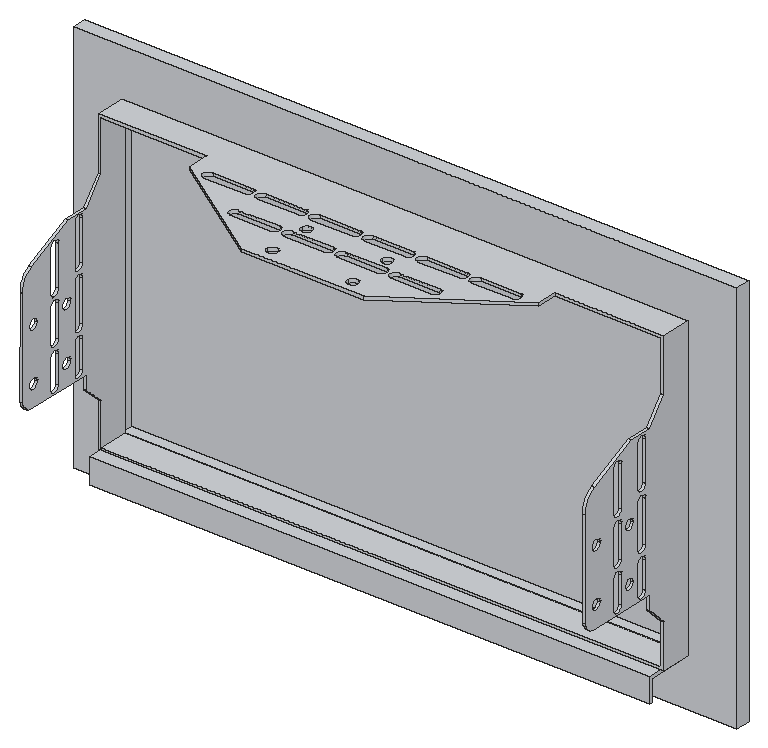
Revit family "AX8909E_0011", category Appareils sanitaires, Revit 2016
Family settings
  Hôte = Mur
  Type d'élément = Normal
  Cote de connecteur circulaire = Utiliser le diamètre
  Numéro OmniClass = 23.75.00.00
  Titre OmniClass = Climate Control (HVAC)
  Toujours verticalement = Oui
  Couper avec des vides une fois chargée = Non
  Partagée = Non
  Point de calcul de pièce = Non
Parameters (values of type "Type 1")
  URL = "https://www.axeuro.com/fr/poubelles/15443-clapet-de-poubelle-ax8909e.html?search_query=ax8909e&results=1"
  Type de produit / Type of product = "Clapet de poubelle / Self closing waste receptacle cover"  # constant formula
  Référence / Reference = "AX8909E"  # constant formula
  Model = ""
  Manufacturer = ""
  Entreprise / Company = "Axeuro"  # constant formula
  Description = ""
Reference planes
  plane 1 "Mur": y = 0
  plane 2 "Centre (gauche/droite)": x = 0
  plane 3 "Arrière": y = 75
Forms (mm)
  Extrusion 1, solid
    sketch origin (21.191, 81.8, -85) x (1, 0, 0) y (0, 0, 1)
      loop
        line (141.809, 911.709) -> (-184.191, 911.709) -> (-184.191, 717.709) -> (141.809, 717.709) -> (141.809, 911.709)
    from 0 to 6.8
  Extrusion 2, void
    sketch origin (0, 5, 0) x (1, 0, 0) y (0, 0, 1)
      loop
        line (139, 802.209) -> (-139, 802.209) -> (-139, 657.209) -> (139, 657.209) -> (139, 802.209)
    from -76.8 to -70
  Extrusion 3, solid
    sketch origin (1.4, -70, 0) x (0, 1, 0) y (0, 0, 1)
      loop
        line (145, 796.209) -> (121.3, 766.209) -> (110.3, 766.209) -> (87.781, 755.352)
        arc (87.781, 755.352) -> (83.577, 751.45) -> (82.3, 745.859) r 9.736
        line (82.3, 745.859) -> (82.3, 697.832)
        arc (82.3, 697.832) -> (83.654, 694.563) -> (86.923, 693.209) r 4.623
        line (86.923, 693.209) -> (121.3, 693.209) -> (121.3, 686.209) -> (145, 663.209) -> (145, 796.209)
    from 136.1 to 137.5
  Extrusion 4, void
    sketch origin (1.4, -81.372, 17.867) x (0, 1, 0) y (0, 0, 1)
      loop
        line (125.072, 745.282) -> (125.072, 725.582)
        arc (125.072, 725.582) -> (127.722, 722.932) -> (130.372, 725.582) r 2.65
        line (130.372, 725.582) -> (130.372, 745.282)
        arc (130.372, 745.282) -> (127.722, 747.932) -> (125.072, 745.282) r 2.65
    from 136.1 to 137.5
  Extrusion 5, void
    sketch origin (1.4, -88.001, -8.433) x (0, 1, 0) y (0, 0, 1)
      loop
        line (131.701, 745.282) -> (131.701, 724.892)
        arc (131.701, 724.892) -> (134.351, 722.242) -> (137.001, 724.892) r 2.65
        line (137.001, 724.892) -> (137.001, 745.282)
        arc (137.001, 745.282) -> (134.351, 747.932) -> (131.701, 745.282) r 2.65
    from 136.1 to 137.5
  Extrusion 6, void
    sketch origin (1.4, -88.001, -35.424) x (0, 1, 0) y (0, 0, 1)
      loop
        line (131.701, 745.282) -> (131.701, 731.762)
        arc (131.701, 731.762) -> (134.351, 729.112) -> (137.001, 731.762) r 2.65
        line (137.001, 731.762) -> (137.001, 745.282)
        arc (137.001, 745.282) -> (134.351, 747.932) -> (131.701, 745.282) r 2.65
    from 136.1 to 137.5
  Extrusion 7, void
    sketch origin (1.4, -5.467, -13.501) x (0, 1, 0) y (0, 0, 1)
      loop
        circle (23.967, 717.01) r 2.65
    from 136.1 to 137.5
  Extrusion 8, void
    sketch origin (1.4, 14.933, -13.501) x (0, 1, 0) y (0, 0, 1)
      loop
        circle (23.967, 717.01) r 2.65
    from 136.1 to 137.5
  Extrusion 9, void
    sketch origin (1.4, -96.172, 13.156) x (0, 1, 0) y (0, 0, 1)
      loop
        line (125.072, 745.282) -> (125.072, 725.582)
        arc (125.072, 725.582) -> (127.722, 722.932) -> (130.372, 725.582) r 2.65
        line (130.372, 725.582) -> (130.372, 745.282)
        arc (130.372, 745.282) -> (127.722, 747.932) -> (125.072, 745.282) r 2.65
    from 136.1 to 137.5
  Extrusion 10, void
    sketch origin (1.4, -102.801, -8.433) x (0, 1, 0) y (0, 0, 1)
      loop
        line (131.701, 740.572) -> (131.701, 724.892)
        arc (131.701, 724.892) -> (134.351, 722.242) -> (137.001, 724.892) r 2.65
        line (137.001, 724.892) -> (137.001, 740.572)
        arc (137.001, 740.572) -> (134.351, 743.222) -> (131.701, 740.572) r 2.65
    from 136.1 to 137.5
  Extrusion 11, void
    sketch origin (1.4, -102.801, -35.424) x (0, 1, 0) y (0, 0, 1)
      loop
        line (131.701, 745.282) -> (131.701, 731.762)
        arc (131.701, 731.762) -> (134.351, 729.112) -> (137.001, 731.762) r 2.65
        line (137.001, 731.762) -> (137.001, 745.282)
        arc (137.001, 745.282) -> (134.351, 747.932) -> (131.701, 745.282) r 2.65
    from 136.1 to 137.5
  Extrusion 12, void
    sketch origin (1.4, -5.467, 12.699) x (0, 1, 0) y (0, 0, 1)
      loop
        circle (23.967, 717.01) r 2.65
    from 136.1 to 137.5
  Extrusion 13, void
    sketch origin (1.4, 14.933, 12.699) x (0, 1, 0) y (0, 0, 1)
      loop
        circle (23.967, 717.01) r 2.65
    from 136.1 to 137.5
  Extrusion 14, solid
    sketch origin (0, 0, -2) x (0, 1, 0) y (0, 0, 1)
      loop
        line (75, 658.109) -> (53, 658.109) -> (53, 646.109) -> (54.4, 646.109) -> (54.4, 656.709) -> (75, 656.709) -> (75, 658.109)
    from -137.5 to 137.5
  Extrusion 15, solid
    sketch origin (0, 0, -23.1) x (1, 0, 0) y (0, 1, 0)
      loop
        line (-85.5, 75) -> (-85.5, 49.8) -> (-30, 12.273) -> (30, 12.273) -> (85.5, 49.8) -> (85.5, 75) -> (-85.5, 75)
    from 825.309 to 826.709
  Extrusion 16, void
    sketch origin (-38.705, -106.688, 1.4) x (1, 0, 0) y (0, 1, 0)
      loop
        arc (68.305, 141.411) -> (65.655, 138.761) -> (68.305, 136.111) r 2.65
        line (68.305, 136.111) -> (88.005, 136.111)
        arc (88.005, 136.111) -> (90.655, 138.761) -> (88.005, 141.411) r 2.65
        line (88.005, 141.411) -> (68.305, 141.411)
    from 800.809 to 802.209
  Extrusion 17, void
    sketch origin (-52.352, -79.673, 1.4) x (1, 0, 0) y (0, 1, 0)
      loop
        circle (32.602, 97.746) r 2.68
    from 800.809 to 802.209
  Extrusion 18, void
    sketch origin (-12.852, -79.673, 1.4) x (1, 0, 0) y (0, 1, 0)
      loop
        circle (32.602, 97.746) r 2.68
    from 800.809 to 802.209
  Extrusion 19, solid
    sketch origin (0, 75, 0) x (1, 0, 0) y (0, 0, 1)
      loop
        line (137.5, 802.209) -> (-137.5, 802.209) -> (-137.5, 658.109) -> (137.5, 658.109) -> (137.5, 802.209)
      loop
        line (138.9, 803.609) -> (-138.9, 803.609) -> (-138.9, 656.109) -> (138.9, 656.109) -> (138.9, 803.609)
    from 0 to 14.8
  Extrusion 20, solid
    sketch origin (-1.4, -70, 0) x (0, 1, 0) y (0, 0, -1)
      loop
        line (145, -796.209) -> (145, -663.209) -> (121.3, -686.209) -> (121.3, -693.209) -> (86.923, -693.209)
        arc (86.923, -693.209) -> (83.654, -694.563) -> (82.3, -697.832) r 4.623
        line (82.3, -697.832) -> (82.3, -745.859)
        arc (82.3, -745.859) -> (83.577, -751.45) -> (87.781, -755.352) r 9.736
        line (87.781, -755.352) -> (110.3, -766.209) -> (121.3, -766.209) -> (145, -796.209)
    from 136.1 to 137.5
  Extrusion 21, void
    sketch origin (-1.4, -81.372, 17.867) x (0, 1, 0) y (0, 0, -1)
      loop
        arc (125.072, -745.282) -> (127.722, -747.932) -> (130.372, -745.282) r 2.65
        line (130.372, -745.282) -> (130.372, -725.582)
        arc (130.372, -725.582) -> (127.722, -722.932) -> (125.072, -725.582) r 2.65
        line (125.072, -725.582) -> (125.072, -745.282)
    from 136.1 to 137.5
  Extrusion 22, void
    sketch origin (-1.4, -88.001, -8.433) x (0, 1, 0) y (0, 0, -1)
      loop
        arc (131.701, -745.282) -> (134.351, -747.932) -> (137.001, -745.282) r 2.65
        line (137.001, -745.282) -> (137.001, -724.892)
        arc (137.001, -724.892) -> (134.351, -722.242) -> (131.701, -724.892) r 2.65
        line (131.701, -724.892) -> (131.701, -745.282)
    from 136.1 to 137.5
  Extrusion 23, void
    sketch origin (-1.4, -88.001, -35.424) x (0, 1, 0) y (0, 0, -1)
      loop
        arc (131.701, -745.282) -> (134.351, -747.932) -> (137.001, -745.282) r 2.65
        line (137.001, -745.282) -> (137.001, -731.762)
        arc (137.001, -731.762) -> (134.351, -729.112) -> (131.701, -731.762) r 2.65
        line (131.701, -731.762) -> (131.701, -745.282)
    from 136.1 to 137.5
  Extrusion 24, void
    sketch origin (-1.4, -5.467, -13.501) x (0, 1, 0) y (0, 0, -1)
      loop
        circle (23.967, -717.01) r 2.65
    from 136.1 to 137.5
  Extrusion 25, void
    sketch origin (-1.4, 14.933, -13.501) x (0, 1, 0) y (0, 0, -1)
      loop
        circle (23.967, -717.01) r 2.65
    from 136.1 to 137.5
  Extrusion 26, void
    sketch origin (-1.4, -96.172, 13.156) x (0, 1, 0) y (0, 0, -1)
      loop
        arc (125.072, -745.282) -> (127.722, -747.932) -> (130.372, -745.282) r 2.65
        line (130.372, -745.282) -> (130.372, -725.582)
        arc (130.372, -725.582) -> (127.722, -722.932) -> (125.072, -725.582) r 2.65
        line (125.072, -725.582) -> (125.072, -745.282)
    from 136.1 to 137.5
  Extrusion 27, void
    sketch origin (-1.4, -102.801, -8.433) x (0, 1, 0) y (0, 0, -1)
      loop
        arc (131.701, -740.572) -> (134.351, -743.222) -> (137.001, -740.572) r 2.65
        line (137.001, -740.572) -> (137.001, -724.892)
        arc (137.001, -724.892) -> (134.351, -722.242) -> (131.701, -724.892) r 2.65
        line (131.701, -724.892) -> (131.701, -740.572)
    from 136.1 to 137.5
  Extrusion 28, void
    sketch origin (-1.4, -102.801, -35.424) x (0, 1, 0) y (0, 0, -1)
      loop
        arc (131.701, -745.282) -> (134.351, -747.932) -> (137.001, -745.282) r 2.65
        line (137.001, -745.282) -> (137.001, -731.762)
        arc (137.001, -731.762) -> (134.351, -729.112) -> (131.701, -731.762) r 2.65
        line (131.701, -731.762) -> (131.701, -745.282)
    from 136.1 to 137.5
  Extrusion 29, void
    sketch origin (-1.4, -5.467, 12.699) x (0, 1, 0) y (0, 0, -1)
      loop
        circle (23.967, -717.01) r 2.65
    from 136.1 to 137.5
  Extrusion 30, void
    sketch origin (-1.4, 14.933, 12.699) x (0, 1, 0) y (0, 0, -1)
      loop
        circle (23.967, -717.01) r 2.65
    from 136.1 to 137.5
  Extrusion 31, void
    sketch origin (-52.352, -58.473, 1.4) x (1, 0, 0) y (0, 1, 0)
      loop
        circle (32.602, 97.746) r 2.68
    from 800.809 to 802.209
  Extrusion 32, void
    sketch origin (-12.852, -58.473, 1.4) x (1, 0, 0) y (0, 1, 0)
      loop
        circle (32.602, 97.746) r 2.68
    from 800.809 to 802.209
  Extrusion 33, void
    sketch origin (-65.005, -106.688, 1.4) x (1, 0, 0) y (0, 1, 0)
      loop
        arc (68.305, 141.411) -> (65.655, 138.761) -> (68.305, 136.111) r 2.65
        line (68.305, 136.111) -> (88.005, 136.111)
        arc (88.005, 136.111) -> (90.655, 138.761) -> (88.005, 141.411) r 2.65
        line (88.005, 141.411) -> (68.305, 141.411)
    from 800.809 to 802.209
  Extrusion 34, void
    sketch origin (38.705, -106.688, 1.4) x (-1, 0, 0) y (0, -1, 0)
      loop
        line (68.305, -141.411) -> (88.005, -141.411)
        arc (88.005, -141.411) -> (90.655, -138.761) -> (88.005, -136.111) r 2.65
        line (88.005, -136.111) -> (68.305, -136.111)
        arc (68.305, -136.111) -> (65.655, -138.761) -> (68.305, -141.411) r 2.65
    from 800.809 to 802.209
  Extrusion 35, void
    sketch origin (65.005, -106.688, 1.4) x (-1, 0, 0) y (0, -1, 0)
      loop
        line (68.305, -141.411) -> (88.005, -141.411)
        arc (88.005, -141.411) -> (90.655, -138.761) -> (88.005, -136.111) r 2.65
        line (88.005, -136.111) -> (68.305, -136.111)
        arc (68.305, -136.111) -> (65.655, -138.761) -> (68.305, -141.411) r 2.65
    from 800.809 to 802.209
  Extrusion 36, void
    sketch origin (-38.705, -90.188, 1.4) x (1, 0, 0) y (0, 1, 0)
      loop
        arc (68.305, 141.411) -> (65.655, 138.761) -> (68.305, 136.111) r 2.65
        line (68.305, 136.111) -> (88.005, 136.111)
        arc (88.005, 136.111) -> (90.655, 138.761) -> (88.005, 141.411) r 2.65
        line (88.005, 141.411) -> (68.305, 141.411)
    from 800.809 to 802.209
  Extrusion 37, void
    sketch origin (-65.005, -90.188, 1.4) x (1, 0, 0) y (0, 1, 0)
      loop
        arc (68.305, 141.411) -> (65.655, 138.761) -> (68.305, 136.111) r 2.65
        line (68.305, 136.111) -> (88.005, 136.111)
        arc (88.005, 136.111) -> (90.655, 138.761) -> (88.005, 141.411) r 2.65
        line (88.005, 141.411) -> (68.305, 141.411)
    from 800.809 to 802.209
  Extrusion 38, void
    sketch origin (38.705, -90.188, 1.4) x (-1, 0, 0) y (0, -1, 0)
      loop
        line (68.305, -141.411) -> (88.005, -141.411)
        arc (88.005, -141.411) -> (90.655, -138.761) -> (88.005, -136.111) r 2.65
        line (88.005, -136.111) -> (68.305, -136.111)
        arc (68.305, -136.111) -> (65.655, -138.761) -> (68.305, -141.411) r 2.65
    from 800.809 to 802.209
  Extrusion 39, void
    sketch origin (65.005, -90.188, 1.4) x (-1, 0, 0) y (0, -1, 0)
      loop
        line (68.305, -141.411) -> (88.005, -141.411)
        arc (88.005, -141.411) -> (90.655, -138.761) -> (88.005, -136.111) r 2.65
        line (88.005, -136.111) -> (68.305, -136.111)
        arc (68.305, -136.111) -> (65.655, -138.761) -> (68.305, -141.411) r 2.65
    from 800.809 to 802.209
  Extrusion 40, void
    sketch origin (12.405, -90.188, 1.4) x (-1, 0, 0) y (0, -1, 0)
      loop
        line (68.305, -141.411) -> (88.005, -141.411)
        arc (88.005, -141.411) -> (90.655, -138.761) -> (88.005, -136.111) r 2.65
        line (88.005, -136.111) -> (68.305, -136.111)
        arc (68.305, -136.111) -> (65.655, -138.761) -> (68.305, -141.411) r 2.65
    from 800.809 to 802.209
  Extrusion 41, void
    sketch origin (-12.405, -90.188, 1.4) x (1, 0, 0) y (0, 1, 0)
      loop
        arc (68.305, 141.411) -> (65.655, 138.761) -> (68.305, 136.111) r 2.65
        line (68.305, 136.111) -> (88.005, 136.111)
        arc (88.005, 136.111) -> (90.655, 138.761) -> (88.005, 141.411) r 2.65
        line (88.005, 141.411) -> (68.305, 141.411)
    from 800.809 to 802.209
  Extrusion 42, void
    sketch origin (0, 75, 0) x (1, 0, 0) y (0, 0, 1)
      loop
        line (137.5, 802.209) -> (-137.5, 802.209) -> (-137.5, 657.209) -> (137.5, 657.209) -> (137.5, 802.209)
    from 0 to 62.7
  Extrusion 43, solid
    sketch origin (0, 75, 0) x (1, 0, 0) y (0, 0, 1)
      loop
        line (139, 802.209) -> (-139, 802.209) -> (-139, 657.209) -> (139, 657.209) -> (139, 802.209)
    from -6.8 to -5.4
Cuts and joins
  Extrusion 2 cuts Extrusion 1
  Extrusion 4, Extrusion 5, Extrusion 6, Extrusion 7, Extrusion 8, Extrusion 9, Extrusion 10, Extrusion 11, Extrusion 12, Extrusion 13, Extrusion 21, Extrusion 22, Extrusion 23, Extrusion 24, Extrusion 25, Extrusion 26, Extrusion 27, Extrusion 28, Extrusion 29, Extrusion 30, Extrusion 42 cuts Extrusion 3
  Extrusion 42 cuts Extrusion 14
  Extrusion 16, Extrusion 17, Extrusion 18, Extrusion 31, Extrusion 32, Extrusion 33, Extrusion 34, Extrusion 35, Extrusion 36, Extrusion 37, Extrusion 38, Extrusion 39, Extrusion 40, Extrusion 41, Extrusion 42 cuts Extrusion 15
  Extrusion 42 cuts Extrusion 19
  Extrusion 21, Extrusion 22, Extrusion 23, Extrusion 24, Extrusion 25, Extrusion 26, Extrusion 27, Extrusion 28, Extrusion 29, Extrusion 30, Extrusion 42 cuts Extrusion 20
  joined: Extrusion 3, Extrusion 14, Extrusion 15, Extrusion 19, Extrusion 20
Text (mm)
  text "Côté de la mise en place" at (-1820.995, 1116.779, 0), in view "Niveau de réf."
  text "Côté de la mise en place" at (0, 1334.055, 2976.191), in view "Gauche"
  text "Côté de la mise en place" at (0, 439.194, 2944.362), in view "Droite"
Dimensions and locks
  locked: plane 3 "Arrière" to host wall
  aligned and locked: plane 1 "Mur" to host wall
